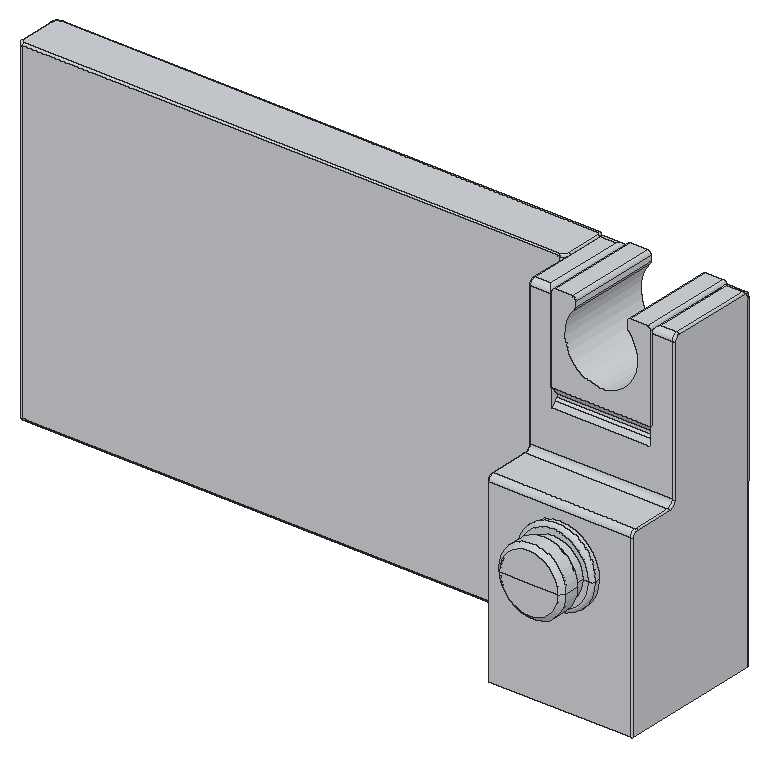
Revit family "Shower-Wall_Supply_Holder-KOHLER-BEITOU-K-99861T", category Plumbing Fixtures, host Face, Revit 2017
Family settings
  Host = Face
  Round Connector Dimension = Use Diameter
  Part Type = Normal
  OmniClass Number = 23.31.17.00
  OmniClass Title = Showers
  Cut with Voids When Loaded = No
  Shared = No
  Room Calculation Point = No
Parameters (values of type "CP-Polished Chrome")
  Width = 8.4252"  # constant formula
  WaterSense Certified = 1 = 0  # no
  Waste Water Outlet = "Waste Water Outlet"  # constant formula
  Waste Connection = 1 = 0  # no
  Vent Connection = 1 = 0  # no
  URL = "https://www.kohler.com.cn/"
  Type = 1
  Tempered Water Inlet = "Tempered Water Inlet"  # constant formula
  Product Page URL = "https://www.kohler.com.cn/product/K-99861T-CP/K-99861T-CP/"
  Product Name = "BEITOU"  # constant formula
  Product Documentation Link = "https://files.kohler.com.cn/pdfs/1520399002423_99861T-SMS.pdf"
  Model = "K-99861T-CP"  # constant formula
  Material = "Premium Metal Construction"  # constant formula
  Master Format 2014 Name = "Toilet, Bath, and Laundry Accessories"  # constant formula
  Master Format 2014 = "10 28 00"  # constant formula
  Manufacturer Address = "Kohler Beijing Office (100016) 36-2-03-B, No. 88, Liuxiang Road, Beijing"  # constant formula
  Manufacturer = "KOHLER Co."  # constant formula
  Length = 4.09449"  # constant formula
  Hot Water Inlet = "Hot Water Inlet"  # constant formula
  Height = 2.24409"  # constant formula
  HW Connection = 1 = 1  # yes
  Finish = Kohler-Metal-CP-Polished_Chrome
  Environmental Product Declaration = ""
  Drain Included = 1 = 0  # no
  Description = "Manda shower bracket (water can enter)"  # constant formula
  Default Elevation = 42"
  Declare Label = ""
  Date Modified = "09/28/2020"  # constant formula
  Date Created = "09/28/2020"  # constant formula
  Copyright = "Copyright KOHLER Co."  # constant formula
  Contact Us = "http://www.kohler.com.cn/contact/contact-us/"
  Cold Water Inlet = "Cold Water Inlet"  # constant formula
  CW Connection = 1 = 0  # no
  Assembly Code = "C1030200"
  ADA Compliant = 1 = 0  # no
Reference planes (in)
  plane 1 "Center (Front/Back)": y = 0
  plane 2: z = 0
  plane 3 "Center (Left/Right)": x = 0
  plane 4: y = 0.8848583
  plane 5: y = -0.2559086
  plane 6: z = 2.2413459
  plane 7: z = 1.5787402
  plane 8: z = -0.5865917
  plane 9: x = -0.8810492
  plane 10: x = 0.8810492
  plane 11: y = -1.3592361
  plane 12: y = -0.8858268
  plane 13: x = -7.5441476
  plane 14: y = 0.2952756
  plane 15: z = 4.0944882
  plane 16: x = -3.3315492
Dimensions and locks (in)
  locked: plane 4 to plane 5 at 1.1407669
  locked: level to plane 6 at 2.2413459
  locked: plane 7 to level at 1.5787402
  locked: level to plane 8 at 0.5865917
  locked: plane 9 to plane 10 at 1.7620985
  "Height": plane 4 to plane 11
  locked: plane 12 to plane 4 at 1.7706851
  "Width": plane 13 to plane 10
  locked: plane 4 to plane 14 at 0.5895828
  "Length": level to plane 15
  plane 13 to plane 16 = 4.2126"
  aligned and locked: plane 2 to host face
  aligned and locked: level to host face
Automatic sketch dimensions
  host sketch curve to host sketch curve = 96"  (x2)
Nested families (in)
  nested 1: "K-99861T" at (0, 0, 0), type "K-99861T"
Connectors (in)
  piping at (0, 0, 0), diameter 0.5, driven by "Tempered Water Inlet", driven by "HW Connection"
    settings: on nested 1, index 1, connector inside diameter 24", connector length 0", flow factor 0, pipe flow 0 GPM, pressure drop 0.00 psi, fitting loss kfactor 0, connector angle 0.00°, fixture units 0, engagement length 0", angle of deflection 0.00°, flow configuration 0, flow direction 1, fitting loss method 0, system type 19, joint type 0, gender type 0, connector reference index -1, connector utility 1, adjustable connector no, is connector primary yes, connector description "Tempered Water Inlet"
Definition of nested family "K-99861T"
  Parameters (values of type "K-99861T")
    Material = none
  Reference planes (in)
    plane 1 "Center (Front/Back)": y = 0
    plane 2: z = 0
    plane 3 "Center (Left/Right)": x = 0
    plane 4: y = 0.8848583
    plane 5: y = -1.3582677
    plane 6: x = -7.5417202
    plane 7: y = 0.2952756
    plane 8: y = -0.8858268
    plane 9: x = 0.8810492
    plane 10: z = 1.5787402
    plane 11: z = 2.2413459
    plane 12: z = 4.0992953
  Forms (in)
    Sweep 1, solid, material <- "Material", detail levels medium+fine
      path origin (0, 0, 0) x (1, 0, 0) y (0, 1, 0)
        loop
          arc (-7.4694455, 0.8848583) -> (-7.5205514, 0.8636896) -> (-7.5417202, 0.8125836) r 0.0722748
          line (-7.5417202, 0.8125836) -> (-7.5417202, 0.3674257)
          arc (-7.5417202, 0.3674257) -> (-7.520588, 0.3164079) -> (-7.4695701, 0.2952756) r 0.0721501
          line (-7.4695701, 0.2952756) -> (-0.9535708, 0.2952756)
          arc (-0.9535708, 0.2952756) -> (-0.9022694, 0.3165253) -> (-0.8810197, 0.3678267) r 0.0725512
          line (-0.8810197, 0.3678267) -> (-0.8810197, 0.8125946)
          arc (-0.8810197, 0.8125946) -> (-0.9021852, 0.8636928) -> (-0.9532834, 0.8848583) r 0.0722637
          line (-0.9532834, 0.8848583) -> (-7.4694455, 0.8848583)
      profile origin (-4.2113644, 0.8848583, 0) x (0, 1, 0) y (0, 0, 1)
        loop
          line (0, 0.019685) -> (0, 4.0796102)
          arc (0, 4.0796102) -> (-0.0057656, 4.0935297) -> (-0.019685, 4.0992953) r 0.019685
          line (-0.019685, 4.0992953) -> (-0.0711219, 4.0992953) -> (-0.0711219, 0) -> (-0.019685, 0)
          arc (-0.019685, 0) -> (-0.0057656, 0.0057656) -> (0, 0.019685) r 0.019685
    Sweep 2, solid, material <- "Material", detail levels medium+fine
      path origin (0, 0, 0) x (0, 1, 0) y (0, 0, 1)
        loop
          line (-0.8858268, 0) -> (-0.8858268, 2.1697418)
          arc (-0.8858268, 2.1697418) -> (-0.8648544, 2.2203735) -> (-0.8142227, 2.2413459) r 0.0716041
          line (-0.8142227, 2.2413459) -> (-0.3278752, 2.2413459)
          arc (-0.3278752, 2.2413459) -> (-0.2769849, 2.2624253) -> (-0.2559055, 2.3133156) r 0.0719697
          line (-0.2559055, 2.3133156) -> (-0.2559055, 4.0285632)
          arc (-0.2559055, 4.0285632) -> (-0.2351886, 4.0785783) -> (-0.1851734, 4.0992953) r 0.0707321
          line (-0.1851734, 4.0992953) -> (0.8120642, 4.0992953)
          arc (0.8120642, 4.0992953) -> (0.8635374, 4.0779744) -> (0.8848583, 4.0265011) r 0.0727942
          line (0.8848583, 4.0265011) -> (0.8848583, 0)
      profile origin (0, 0.3134454, 4.0992953) x (0, 0, 1) y (1, 0, 0)
        loop
          line (0, -0.861277) -> (0, 0.8605636)
          arc (0, 0.8605636) -> (-0.0060001, 0.8750491) -> (-0.0204856, 0.8810492) r 0.0204856
          line (-0.0204856, 0.8810492) -> (-0.069527, 0.8810492) -> (-0.069527, -0.8810492) -> (-0.0197722, -0.8810492)
          arc (-0.0197722, -0.8810492) -> (-0.0057911, -0.8752581) -> (0, -0.861277) r 0.0197722
    Extrusion 3, solid, material <- "Material", detail levels medium+fine
      sketch origin (0, 0, 0) x (1, 0, 0) y (0, 1, 0)
        loop
          line (-7.4705983, 0.3663975) -> (-0.9521416, 0.3663975) -> (-0.9521416, 0.8137364) -> (-7.4705983, 0.8137364) -> (-7.4705983, 0.3663975)
      from 0 to 4.0992953
    Extrusion 4, solid, material <- "Material", detail levels medium+fine
      sketch origin (0, 0, 0) x (0, 1, 0) y (0, 0, 1)
        loop
          line (-0.1863785, 4.0297683) -> (-0.1863785, 2.3133156)
          arc (-0.1863785, 2.3133156) -> (-0.2278219, 2.2132623) -> (-0.3278752, 2.1718189) r 0.1414967
          line (-0.3278752, 2.1718189) -> (-0.8162998, 2.1718189) -> (-0.8162998, 0) -> (0.8153313, 0) -> (0.8153313, 4.0297683) -> (-0.1863785, 4.0297683)
      from -0.8810492 to 0.8810492
    Extrusion 5, void
      sketch origin (0, 0, 0) x (1, 0, 0) y (0, 0, 1)
        loop
          arc (0.6194528, 4.050696) -> (0.6336871, 4.0850609) -> (0.668052, 4.0992953) r 0.0485992
          line (0.668052, 4.0992953) -> (0.7973847, 4.0992953) -> (0.7973847, 4.4214498) -> (-0.7973847, 4.4214498) -> (-0.7973847, 4.0992953) -> (-0.668052, 4.0992953)
          arc (-0.668052, 4.0992953) -> (-0.6361719, 4.0873777) -> (-0.6199272, 4.0574699) r 0.0485992
          line (-0.6199272, 4.0574699) -> (-0.6199272, 3.0328228)
          arc (-0.6199272, 3.0328228) -> (-0.6141967, 3.0189883) -> (-0.6003622, 3.0132579) r 0.0195649
          line (-0.6003622, 3.0132579) -> (-0.0444138, 3.0132579) -> (0.6003622, 3.0132579)
          arc (0.6003622, 3.0132579) -> (0.6156359, 3.0205957) -> (0.6194528, 3.0371051) r 0.0195649
          line (0.6194528, 3.0371051) -> (0.6194528, 4.050696)
      from -1.6246086 to 0.8858268
    Revolve 6, solid, material <- "Material", detail levels medium+fine
      sketch origin (0, -0.984252, 1.5787402) x (0, 1, 0) y (-1, 0, 0)
        loop
          line (-0.3740157, 0) -> (0.0984252, 0) -> (0.0984252, 0.47434) -> (0.0484768, 0.47434)
          arc (0.0484768, 0.47434) -> (0.0141985, 0.4601414) -> (0, 0.4258631) r 0.0484768
          line (0, 0.4258631) -> (0, 0.354292) -> (-0.0983694, 0.354292) -> (-0.1536734, 0.409596) -> (-0.3194216, 0.409596) -> (-0.3740157, 0.3550019) -> (-0.3740157, 0)
        axis (0.0984252, 0) -> (-0.3740157, 0)
      angle from 0 to 360
    Extrusion 7, solid, material <- "Material", detail levels medium+fine
      sketch origin (0, 0, 0) x (1, 0, 0) y (0, 0, 1)
        loop
          arc (0.6003937, 4.0531496) -> (0.5890559, 4.0836316) -> (0.5605542, 4.0992953) r 0.0466448
          line (0.5605542, 4.0992953) -> (0.353154, 4.0992953)
          arc (0.353154, 4.0992953) -> (0.3257475, 4.0831002) -> (0.3149606, 4.0531496) r 0.0469736
          line (0.3149606, 4.0531496) -> (0.3149606, 3.9873675)
          arc (0.3149606, 3.9873675) -> (0.3181278, 3.9718285) -> (0.3271241, 3.9587686) r 0.0397029
          arc (0.3271241, 3.9587686) -> (0, 3.2175482) -> (-0.3271241, 3.9587686) r 0.4427953
          arc (-0.3271241, 3.9587686) -> (-0.3181278, 3.9718285) -> (-0.3149606, 3.9873675) r 0.0397029
          line (-0.3149606, 3.9873675) -> (-0.3149606, 4.0531496)
          arc (-0.3149606, 4.0531496) -> (-0.3257475, 4.0831002) -> (-0.353154, 4.0992953) r 0.0469736
          line (-0.353154, 4.0992953) -> (-0.5605542, 4.0992953)
          arc (-0.5605542, 4.0992953) -> (-0.5890559, 4.0836316) -> (-0.6003937, 4.0531496) r 0.0466448
          line (-0.6003937, 4.0531496) -> (-0.6003937, 3.0569143)
          arc (-0.6003937, 3.0569143) -> (-0.5914791, 3.0353926) -> (-0.5699575, 3.0264781) r 0.0304362
          line (-0.5699575, 3.0264781) -> (0.5699575, 3.0264781)
          arc (0.5699575, 3.0264781) -> (0.5914791, 3.0353926) -> (0.6003937, 3.0569143) r 0.0304362
          line (0.6003937, 3.0569143) -> (0.6003937, 4.0531496)
      from -0.8858268 to 0.2559055
    Extrusion 8, void
      sketch origin (0, 0, 0) x (0, 1, 0) y (0, 0, 1)
        loop
          line (-0.1484967, 2.9120199) -> (-0.1484967, 3.2027416) -> (-0.3317067, 3.2027416) -> (-0.3317067, 2.7824316) -> (-0.2625415, 2.7824316) -> (-0.2180174, 2.853685) -> (-0.1484967, 2.9120199)
      from -0.6003937 to 0.6003937
    Extrusion 9, solid, material <- "Material", detail levels medium+fine
      sketch origin (0, 0, 0) x (0, 1, 0) y (0, 0, 1)
        loop
          line (0.2375718, 2.7722206) -> (0.2375718, 3.102721) -> (-0.2559055, 3.102721) -> (-0.2559055, 3.0132579)
          arc (-0.2559055, 3.0132579) -> (-0.0459597, 2.817413) -> (0.2375718, 2.7722206) r 0.4916542
      from -0.6003937 to 0.6003937
    Extrusion 10, solid, material <- "Material", detail levels coarse
      sketch origin (0, 0, 0) x (0, 1, 0) y (0, 0, 1)
        loop
          line (0.8848583, 0) -> (0.8848583, 4.1037239) -> (-0.2621226, 4.1037239) -> (-0.2621226, 2.2413459) -> (-0.8858268, 2.2413459) -> (-0.8858268, 0) -> (0.8848583, 0)
      from -0.8810492 to 0.8810492
    Extrusion 11, solid, material <- "Material", detail levels coarse
      sketch origin (0, 0, 0) x (1, 0, 0) y (0, 0, 1)
        loop
          line (-0.8810492, 4.1037239) -> (-7.5417202, 4.1037239) -> (-7.5417202, 0) -> (-0.8810492, 0) -> (-0.8810492, 4.1037239)
      from -0.8858268 to -0.2375718
    Revolve 12, solid, material <- "Material", detail levels coarse
      sketch origin (0, -0.984252, 1.5787402) x (0, 1, 0) y (-1, 0, 0)
        loop
          line (-0.3740157, 0.0013723) -> (0.0984252, 0.0013723) -> (0.0984252, 0.47434) -> (0, 0.47434) -> (0, 0.354292) -> (-0.0983694, 0.354292) -> (-0.0983694, 0.409596) -> (-0.3740157, 0.409596) -> (-0.3740157, 0.0013723)
        axis (0.0984252, 0.0013723) -> (-0.3740157, 0.0013723)
      angle from 0 to 360
    Extrusion 13, void
      sketch origin (0, 0, 0) x (1, 0, 0) y (0, 0, 1)
        loop
          line (0.3149606, 3.971579) -> (0.3149606, 4.1463136) -> (-0.3149606, 4.1463136) -> (-0.3149606, 3.971579)
          arc (-0.3149606, 3.971579) -> (0, 3.2175482) -> (0.3149606, 3.971579) r 0.4427953
      from -1.6152701 to 0.8166413
    Extrusion 14, solid, material <- "Material", detail levels medium+fine
      sketch origin (0, 0, 0) x (1, 0, 0) y (0, 1, 0)
        loop
          circle (0, 0) r 0.1131664
      from 0 to 0.067382
  Cuts and joins
    joined: Sweep 1, Extrusion 3
    joined: Extrusion 7, Extrusion 9
    Extrusion 5, Extrusion 8 cuts Sweep 2
    Extrusion 5 cuts Extrusion 4
    joined: Sweep 2, Extrusion 4, Revolve 6
    Extrusion 13 cuts Extrusion 10
    joined: Extrusion 10, Revolve 12
  Lines and regions (in)
    Masking region 1
      outline origin (0, 0, 0) x (0, 1, 0) y (0, 0, 1)
        loop
          line (0.8848583, 0) -> (0.8848583, 4.0265011)
          arc (0.8848583, 4.0265011) -> (0.8635374, 4.0779744) -> (0.8120642, 4.0992953) r 0.0727942
          line (0.8120642, 4.0992953) -> (-0.1851734, 4.0992953)
          arc (-0.1851734, 4.0992953) -> (-0.2351886, 4.0785783) -> (-0.2559055, 4.0285632) r 0.0707321
          line (-0.2559055, 4.0285632) -> (-0.2559055, 2.3118368)
          arc (-0.2559055, 2.3118368) -> (-0.2765518, 2.2619922) -> (-0.3263965, 2.2413459) r 0.0704909
          line (-0.3263965, 2.2413459) -> (-0.8167182, 2.2413459)
          arc (-0.8167182, 2.2413459) -> (-0.8655853, 2.2211044) -> (-0.8858268, 2.1722373) r 0.0691086
          line (-0.8858268, 2.1722373) -> (-0.8858268, 2.0530801) -> (-0.9360086, 2.0530801)
          arc (-0.9360086, 2.0530801) -> (-0.9701218, 2.03895) -> (-0.984252, 2.0048368) r 0.0482434
          line (-0.984252, 2.0048368) -> (-0.984252, 1.9330321) -> (-1.0826213, 1.9330321) -> (-1.1379254, 1.9883362) -> (-1.3036736, 1.9883362) -> (-1.3582677, 1.9337421) -> (-1.3582677, 1.2237382) -> (-1.3036736, 1.1691441) -> (-1.1379254, 1.1691441) -> (-1.0826213, 1.2244482) -> (-0.984252, 1.2244482) -> (-0.984252, 1.1526436)
          arc (-0.984252, 1.1526436) -> (-0.9701218, 1.1185304) -> (-0.9360086, 1.1044002) r 0.0482434
          line (-0.9360086, 1.1044002) -> (-0.8858268, 1.1044002) -> (-0.8858268, 0) -> (-0.0625048, 0) -> (0.8848583, 0)
    Masking region 2
      outline origin (0, 0, 0) x (1, 0, 0) y (0, 1, 0)
        loop
          arc (-7.5417202, 0.3673374) -> (-7.5206138, 0.316382) -> (-7.4696584, 0.2952756) r 0.0720618
          line (-7.4696584, 0.2952756) -> (-0.9538749, 0.2952756)
          arc (-0.9538749, 0.2952756) -> (-0.9023794, 0.3166057) -> (-0.8810492, 0.3681013) r 0.0728257
          line (-0.8810492, 0.3681013) -> (-0.8810492, -0.8660585)
          arc (-0.8810492, -0.8660585) -> (-0.8752592, -0.8800368) -> (-0.861281, -0.8858268) r 0.0197682
          line (-0.861281, -0.8858268) -> (-0.47434, -0.8858268) -> (-0.47434, -0.9353455)
          arc (-0.47434, -0.9353455) -> (-0.4600156, -0.9699276) -> (-0.4254335, -0.984252) r 0.0489064
          line (-0.4254335, -0.984252) -> (-0.354292, -0.984252) -> (-0.354292, -1.0826213) -> (-0.409596, -1.1379254) -> (-0.409596, -1.3036736) -> (-0.3550019, -1.3582677) -> (0.3550019, -1.3582677) -> (0.409596, -1.3036736) -> (0.409596, -1.1379254) -> (0.354292, -1.0826213) -> (0.354292, -0.984252) -> (0.4254335, -0.984252)
          arc (0.4254335, -0.984252) -> (0.4600156, -0.9699276) -> (0.47434, -0.9353455) r 0.0489064
          line (0.47434, -0.9353455) -> (0.47434, -0.8858268) -> (0.861281, -0.8858268)
          arc (0.861281, -0.8858268) -> (0.8752592, -0.8800368) -> (0.8810492, -0.8660585) r 0.0197682
          line (0.8810492, -0.8660585) -> (0.8810492, 0.8650136)
          arc (0.8810492, 0.8650136) -> (0.8752368, 0.879046) -> (0.8612045, 0.8848583) r 0.0198448
          line (0.8612045, 0.8848583) -> (-0.8613219, 0.8848583)
          arc (-0.8613219, 0.8848583) -> (-0.8752712, 0.8790803) -> (-0.8810492, 0.865131) r 0.0197273
          line (-0.8810492, 0.865131) -> (-0.8810492, 0.8131472)
          arc (-0.8810492, 0.8131472) -> (-0.9027233, 0.8639168) -> (-0.9537995, 0.8848583) r 0.0727578
          line (-0.9537995, 0.8848583) -> (-7.4701164, 0.8848583)
          arc (-7.4701164, 0.8848583) -> (-7.520748, 0.8638861) -> (-7.5417202, 0.8132545) r 0.0716038
          line (-7.5417202, 0.8132545) -> (-7.5417202, 0.3673374)
    Masking region 3
      outline origin (0, 0, 0) x (1, 0, 0) y (0, 0, 1)
        loop
          line (0.8810492, 0) -> (0.8810492, 4.078375)
          arc (0.8810492, 4.078375) -> (0.8749218, 4.0931679) -> (0.8601289, 4.0992953) r 0.0209203
          line (0.8601289, 4.0992953) -> (0.6678805, 4.0992953) -> (0.362573, 4.0992953)
          arc (0.362573, 4.0992953) -> (0.3294205, 4.0858659) -> (0.3149606, 4.0531496) r 0.0476357
          line (0.3149606, 4.0531496) -> (0.3149606, 3.9353905)
          arc (0.3149606, 3.9353905) -> (0.3160686, 3.9195501) -> (0.3235231, 3.9055296) r 0.0381909
          arc (0.3235231, 3.9055296) -> (0, 3.2489342) -> (-0.3235231, 3.9055296) r 0.4080022
          arc (-0.3235231, 3.9055296) -> (-0.3160686, 3.9195501) -> (-0.3149606, 3.9353905) r 0.0381909
          line (-0.3149606, 3.9353905) -> (-0.3149606, 4.0531496)
          arc (-0.3149606, 4.0531496) -> (-0.3294205, 4.0858659) -> (-0.362573, 4.0992953) r 0.0476357
          line (-0.362573, 4.0992953) -> (-0.6678805, 4.0992953) -> (-0.8601289, 4.0992953)
          arc (-0.8601289, 4.0992953) -> (-0.8749218, 4.0931679) -> (-0.8810492, 4.078375) r 0.0209203
          arc (-0.8810492, 4.078375) -> (-0.8871766, 4.0931679) -> (-0.9019695, 4.0992953) r 0.0209203
          line (-0.9019695, 4.0992953) -> (-7.5218106, 4.0992953)
          arc (-7.5218106, 4.0992953) -> (-7.5358888, 4.0934639) -> (-7.5417202, 4.0793856) r 0.0199097
          line (-7.5417202, 4.0793856) -> (-7.5417202, 0) -> (0.5414179, 0) -> (0.8810492, 0)
    symbolic lines, detail levels medium+fine
      curve 1: line (0, 0.8468003, 0) -> (0, 0.8468003, 4.0551181)
      curve 2: line (0, 0.3349892, 0) -> (0, 0.3349892, 4.0995508)
      curve 3: line (0, -0.216879, 4.0551181) -> (0, 0.8468003, 4.0551181)
      curve 4: line (0, -0.8468003, 2.1995685) -> (0, -0.8468003, 0)
      curve 5: line (0, -0.216879, 4.0551181) -> (0, -0.2168789, 2.2853788)
      curve 6: line (0, -0.297188, 2.2043658) -> (0, -0.8468003, 2.1995685)
      curve 7: arc (0, -0.2168789, 2.2853788) -> (0, -0.2403585, 2.2283423) -> (0, -0.297188, 2.2043658) r 0.0810162
      curve 8: line (0, -0.984252, 2.0046033) -> (0, -0.984252, 1.5787402)
      curve 9: line (0, -0.984252, 1.5787402) -> (0, -0.984252, 1.152877)
      curve 10: line (0, -0.8858268, 2.0530801) -> (0, -0.8858268, 1.1044002)
      curve 11: line (0, -0.9335853, 1.1044002) -> (0, -0.9335853, 2.0530801)
      curve 12: line (0, -1.0826213, 1.9330321) -> (0, -1.0826213, 1.2244482)
      curve 13: line (0, -1.1379254, 1.9883362) -> (0, -1.1379254, 1.1691441)
      curve 14: line (0, -1.3036736, 1.1691441) -> (0, -1.3036736, 1.9883362)
      curve 15: line (-0.8895924, 0.3349892, 0) -> (-7.4997763, 0.3349892, 0)
      curve 16: line (-7.4997763, 0.8468003, 0) -> (0.8810492, 0.8468003, 0)
      curve 17: line (-7.4997763, 0.8468003, 0) -> (-7.4997763, 0.3349892, 0)
      curve 18: line (-0.9251969, 0.8791145, 0) -> (-0.9251969, 0.3010738, 0)
      curve 19: line (-0.6598143, -0.2558534, 0) -> (-0.6598143, 0.8848583, 0)
      curve 20: line (-0.8810492, -0.2165354, 0) -> (0.8810492, -0.2165354, 0)
      curve 21: line (-0.8461116, 0.8848583, 0) -> (-0.8461116, -0.8468003, 0)
      curve 22: line (-0.8461116, -0.8468003, 0) -> (0.8461116, -0.8468003, 0)
      curve 23: line (0.8461116, 0.8848583, 0) -> (0.8461116, -0.8468003, 0)
      curve 24: line (-0.5610236, 0.8848583, 0) -> (-0.5610236, -0.2558534, 0)
      curve 25: line (-0.3543307, 0.8848583, 0) -> (-0.3543307, -0.256014, 0)
      curve 26: line (-0.3149606, 0.8468003, 0) -> (-0.3149606, -0.213442, 0)
      curve 27: line (-0.6003937, 0.8468003, 0) -> (-0.6003937, -0.211638, 0)
      curve 28: arc (-0.6003937, -0.211638, 0) -> (-0.5891248, -0.2412395, 0) -> (-0.5610236, -0.2558534, 0) r 0.0445136
      curve 29: arc (-0.3149606, -0.213442, 0) -> (-0.3263119, -0.242435, 0) -> (-0.3543307, -0.256014, 0) r 0.0427022
      curve 30: line (0.5610236, 0.8848583, 0) -> (0.5610236, -0.2558534, 0)
      curve 31: line (0.3543307, 0.8848583, 0) -> (0.3543307, -0.256014, 0)
      curve 32: line (0.3149606, 0.8468003, 0) -> (0.3149606, -0.213442, 0)
      curve 33: line (0.6003937, 0.8468003, 0) -> (0.6003937, -0.211638, 0)
      curve 34: arc (0.6003937, -0.211638, 0) -> (0.5891248, -0.2412395, 0) -> (0.5610236, -0.2558534, 0) r 0.0445136
      curve 35: arc (0.3149606, -0.213442, 0) -> (0.3263119, -0.242435, 0) -> (0.3543307, -0.256014, 0) r 0.0427022
      curve 36: line (0, -0.2165354, 0) -> (0, -0.2558534, 0)
      curve 37: line (0, 0.8858268, 0) -> (0, 0.8468003, 0)
      curve 38: line (-0.47434, -0.8858268, 0) -> (0.4715953, -0.8858268, 0)
      curve 39: line (-0.354292, -0.984252, 0) -> (0.354292, -0.984252, 0)
      curve 40: line (-0.47434, -0.9336877, 0) -> (0.4715953, -0.9336877, 0)
      curve 41: line (-0.354292, -1.0826213, 0) -> (0.354292, -1.0826213, 0)
      curve 42: line (0.409596, -1.1379254, 0) -> (-0.409596, -1.1379254, 0)
      curve 43: line (-0.409596, -1.3036736, 0) -> (0.409596, -1.3036736, 0)
      curve 44: line (0.8461116, 0, 0) -> (0.8461116, 0, 4.0992953)
      curve 45: line (0.6196544, 0, 4.0551181) -> (0.8810492, 0, 4.0551181)
      curve 46: line (0.6524031, 0, 0) -> (0.6524031, 0, 4.0967069)
      curve 47: arc (0.6194528, 0, 4.050696) -> (0.6336871, 0, 4.0850609) -> (0.668052, 0, 4.0992953) r 0.0485992
      curve 48: arc (0.6003937, 0, 4.0531496) -> (0.5893014, 0, 4.0833449) -> (0.5613002, 0, 4.0991791) r 0.0466448
      curve 49: line (0.6194528, 0, 0) -> (0.6194528, 0, 4.050696)
      curve 50: line (0.6003937, 0, 3.0225689) -> (0.6003937, 0, 4.0531496)
      curve 51: arc (0.3271241, 0, 3.9587686) -> (0, 0, 3.2175482) -> (-0.3271241, 0, 3.9587686) r 0.4427953
      curve 52: arc (0.3271241, 0, 3.9587686) -> (0.3186068, 0, 3.9720322) -> (0.3149606, 0, 3.9873675) r 0.0469385
      curve 53: line (0.3254346, 0, 3.9607262) -> (0.3230332, 0, 3.9063041)
      curve 54: arc (-0.3254346, 0, 3.9607262) -> (-0.3181171, 0, 3.9732289) -> (-0.3149606, 0, 3.9873675) r 0.0469385
      curve 55: line (-0.3254346, 0, 3.9607262) -> (-0.3230332, 0, 3.9063041)
      curve 56: arc (-0.6003937, 0, 4.0531496) -> (-0.5893014, 0, 4.0833449) -> (-0.5613002, 0, 4.0991791) r 0.0466448
      curve 57: line (-0.6003937, 0, 3.0225689) -> (-0.6003937, 0, 4.0531496)
      curve 58: line (-0.6003937, 0, 4.0531496) -> (-0.3149606, 0, 4.0531496)
      curve 59: line (-0.3546746, 0, 3.9873813) -> (-0.3546746, 0, 4.0992953)
      curve 60: line (0.6003937, 0, 4.0531496) -> (0.3149606, 0, 4.0531496)
      curve 61: line (0.5613002, 0, 2.9935548) -> (0.5613002, 0, 4.0991791)
      curve 62: arc (0.3546746, 0, 3.9873814) -> (0.0000002, 0, 3.1774354) -> (-0.3546746, 0, 3.9873813) r 0.4826288
      curve 63: line (0, 0, 3.2175482) -> (0, 0, 3.1774354)
      curve 64: line (0.3546746, 0, 3.9873814) -> (0.3546746, 0, 4.0992953)
      curve 65: line (-0.8810492, 0, 4.078375) -> (-0.8810492, 0, 0)
      curve 66: line (-0.8461116, 0, 0) -> (-0.8461116, 0, 4.0992953)
      curve 67: line (-0.6196544, 0, 4.0551181) -> (-7.5417202, 0, 4.0551181)
      curve 68: line (-0.6524031, 0, 0) -> (-0.6524031, 0, 4.0967069)
      curve 69: line (-0.5699575, 0, 3.0264781) -> (0.5699575, 0, 3.0264781)
      curve 70: arc (0.5699575, 0, 3.0264781) -> (0.5914791, 0, 3.0353926) -> (0.6003937, 0, 3.0569143) r 0.0304362
      curve 71: arc (-0.5699575, 0, 3.0264781) -> (-0.5914791, 0, 3.0353926) -> (-0.6003937, 0, 3.0569143) r 0.0304362
      curve 72: line (-0.6194528, 0, 0) -> (-0.6194528, 0, 4.050696)
      curve 73: arc (-0.6194528, 0, 4.050696) -> (-0.6336871, 0, 4.0850609) -> (-0.668052, 0, 4.0992953) r 0.0485992
      curve 74: line (0.5729953, 0, 2.9935548) -> (0, 0, 2.9935548)
      curve 75: arc (0.6003937, 0, 3.0225689) -> (0.5917064, 0, 3.003329) -> (0.5729953, 0, 2.9935548) r 0.0323239
      curve 76: line (-0.5729953, 0, 2.9935548) -> (0, 0, 2.9935548)
      curve 77: arc (-0.6003937, 0, 3.0225689) -> (-0.5917064, 0, 3.003329) -> (-0.5729953, 0, 2.9935548) r 0.0323239
      curve 78: line (-0.5613002, 0, 2.9935548) -> (-0.5613002, 0, 4.0991791)
      curve 79: line (-0.9248548, 0, 4.0992953) -> (-0.9248548, 0, 0)
      curve 80: line (-7.5001184, 0, 0) -> (-7.5001184, 0, 4.0992953)
      curve 81: line (0, 0.2952756, 4.0551181) -> (0, 0.2952756, 0)
      curve 82: arc (0, 0.3349892, 4.0995508) -> (0, 0.306651, 4.0849151) -> (0, 0.2952756, 4.0551181) r 0.044713
      curve 83: line (-0.8810492, 0.8191584, 0) -> (-0.8810492, 0.3550976, 0)
      curve 84: line (-0.8461116, -0.2558534, 0) -> (0.8461116, -0.2558534, 0)
      curve 85: arc (-0.8810492, -0.2165354, 0) -> (-0.8724106, -0.2440408, 0) -> (-0.8461116, -0.2558534, 0) r 0.0351816
      curve 86: arc (0.8461116, -0.2558534, 0) -> (0.8724106, -0.2440408, 0) -> (0.8810492, -0.2165354, 0) r 0.0351816
      curve 87: line (-0.625941, -0.2165354, 0) -> (-0.625941, 0.8468003, 0)
      curve 88: arc (-0.625941, 0.8468003, 0) -> (-0.6356358, 0.8722748, 0) -> (-0.6598143, 0.8848583, 0) r 0.0383166
      curve 89: arc (-0.6598143, -0.2558534, 0) -> (-0.6355772, -0.242484, 0) -> (-0.625941, -0.2165354, 0) r 0.0397556
      curve 90: line (0.6598143, -0.2558534, 0) -> (0.6598143, 0.8848583, 0)
      curve 91: line (0.625941, -0.2165354, 0) -> (0.625941, 0.8468003, 0)
      curve 92: arc (0.625941, 0.8468003, 0) -> (0.6356358, 0.8722748, 0) -> (0.6598143, 0.8848583, 0) r 0.0383166
      curve 93: arc (0.6598143, -0.2558534, 0) -> (0.6355772, -0.242484, 0) -> (0.625941, -0.2165354, 0) r 0.0397556
      curve 94: arc (-0.5610236, 0.8848583, 0) -> (-0.5887803, 0.8741792, 0) -> (-0.6003937, 0.8468003, 0) r 0.03808
      curve 95: arc (-0.3543307, 0.8848583, 0) -> (-0.326574, 0.8741792, 0) -> (-0.3149606, 0.8468003, 0) r 0.03808
      curve 96: arc (0.3543307, 0.8848583, 0) -> (0.326574, 0.8741792, 0) -> (0.3149606, 0.8468003, 0) r 0.03808
      curve 97: arc (0.5610236, 0.8848583, 0) -> (0.5887803, 0.8741792, 0) -> (0.6003937, 0.8468003, 0) r 0.03808
  Dimensions and locks (in)
    locked: plane 4 to plane 8 at 1.7706851
    locked: plane 4 to plane 5 at 2.2431261
    locked: plane 6 to plane 9 at 8.4227695
    locked: plane 4 to plane 7 at 0.5895828
    locked: plane 10 to level at 1.5787402
    locked: level to plane 11 at 2.2413459
    locked: plane 12 to level at 4.0992953
    aligned and locked: plane 2 to level
